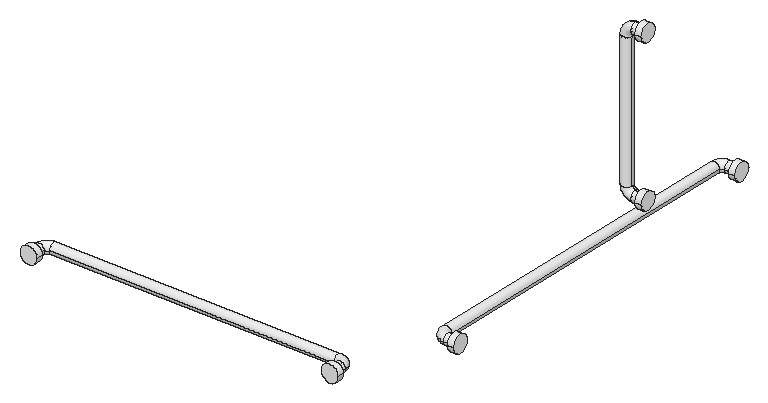
Revit family "API_MY_Grab_Bar_Composite_content", category Specialty Equipment, Revit 2025
Family settings
  Round Connector Dimension = Use Diameter
  Part Type = Normal
  Work Plane-Based = No
  Enable Cutting in Views = No
  Always vertical = Yes
  Cut with Voids When Loaded = No
  Maintain Annotation Orientation = No
  Shared = No
  Room Calculation Point = No
Parameters (values of type "NEW")
  Vert [instance] = yes
  Side Bar Offset = 1' - 0"
  Side [instance] = yes
  Rear [instance] = yes
  Keynote = "RA-8"
  Default Elevation = 0' - 0"
  Back Bar Offset = 0' - 6"
  Back Bar Length = 3' - 0"
  Mounting Height = 3' - 0"
  Side Bar Length = 3' - 6"
  Assembly Code = ""
  ANSI A117.1 [instance] = yes
  ADAG 94 [instance] = not(ANSI A117.1)  # no
Reference planes (in)
  plane 1 "Center F/B": y = 0
  plane 2: z = 0
  plane 3 "Center L/R": x = 0
  plane 4 "Center Line": z = 36
  plane 5: y = 0.75
  plane 6: x = -0.75
  plane 7: x = -42
  plane 8: y = 54
  plane 9: y = 12
  plane 10: x = -6
Dimensions and locks (in)
  "Side Bar Length": plane 8 to plane 9
  "Back Bar Length": plane 7 to plane 10
  "Mounting Height": plane 4 "Center Line" to plane 2
  locked: plane 1 "Center F/B" to plane 5 at 0.75
  "Side Bar Offset": plane 1 "Center F/B" to plane 9
  "Back Bar Offset": plane 10 to plane 3 "Center L/R"
Nested families (in)
  nested 1: "10_Grab Bar-Rear" at (0, 0, 0), Back Bar Length <- "Back Bar Length", visible <- "Rear", type "Rear"
    with Back Bar Length 3' - 0"
  nested 2: "10_Grab Bar-Side" at (0, 0, 0), visible <- "Side", type "Side"
  nested 3: "10_Grab Bar-Side_Vert" at (0, 0, 0), visible <- "Vert", type "Side_Vert"
Definition of nested family "10_Grab Bar-Rear"
  Parameters (values of type "Rear")
    Model = "B-5806"
    Manufacturer = "Bobrick"
    Log Cat = "A"
    JSN No. = "A5109-A"
    Description = "Grab Bar, 1-1/4\" Dia., SS, Back Wall, W/C Accessible"
    Default Elevation = 0' - 0"
    Back Bar Length [instance] = 3' - 0"
    Mounting Height = 3' - 0"
    Assembly Code = ""
  Reference planes (in)
    plane 1 "Center F/B": y = 0
    plane 2: z = 0
    plane 3 "Center L/R": x = 0
    plane 4: x = -6
    plane 5: x = -42
    plane 6 "Center Line": z = 36
    plane 7: y = 0.75
    plane 8: z = 57
    plane 9: z = 39
  Forms (in)
    Sweep 1, solid
      path origin (0, 0, 0) x (1, 0, 0) y (0, 1, 0)
        loop
          line (-42, 0.75) -> (-42, 1.5)
          arc (-42, 1.5) -> (-41.70711, 2.20711) -> (-41, 2.5) r 1
          line (-41, 2.5) -> (-7, 2.5)
          arc (-7, 2.5) -> (-6.29289, 2.20711) -> (-6, 1.5) r 1
          line (-6, 1.5) -> (-6, 0.75)
      profile origin (-24, 0, 0) x (0, 1, 0) y (0, 0, 1)
        loop
          circle (2.5, 36) r 0.625
    Extrusion 2, solid
      sketch origin (0, 0, 0) x (1, 0, 0) y (0, 0, 1)
        loop
          circle (-6, 36) r 1
        loop
          circle (-42, 36) r 1
      from -0.75 to 0
  Dimensions and locks (in)
    locked: plane 4 to plane 3 "Center L/R" at 6
    "Back Bar Length": plane 5 to plane 4
    "Mounting Height": plane 6 "Center Line" to plane 2
    locked: plane 6 "Center Line" to Sweep 1 sketch curve
    locked: plane 1 "Center F/B" to plane 7 at 0.75
    locked: level to plane 9 at 39
    locked: plane 9 to plane 8 at 18
    aligned and locked: Extrusion 2 to plane 7
    aligned and locked: plane 1 "Center F/B" to Extrusion 2
    aligned and locked: plane 7 to Sweep 1 sketch curve  (x2)
  Automatic sketch dimensions
    Sweep 1 sketch curve to plane 5 = 0' - 0"
    Sweep 1 sketch curve to plane 4 = 0' - 0"
    Sweep 1 sketch curve to plane 7 = 0' - 0 3/4"  (x2)
    plane 5 to Sweep 1 sketch curve = 0' - 1"
    Sweep 1 sketch curve to Sweep 1 sketch curve = 0' - 0"
    Sweep 1 sketch curve to profile plane = 0' - 0"
    profile plane to Sweep 1 sketch curve = 0' - 0 5/8"
    Extrusion 2 sketch curve to Extrusion 2 sketch curve = 0' - 0"  (x4)
    Extrusion 2 sketch curve to plane 6 "Center Line" = 0' - 0"  (x2)
    Extrusion 2 sketch curve to plane 5 = 0' - 0"
    Extrusion 2 sketch curve to plane 4 = 0' - 0"
    Extrusion 2 sketch curve to Extrusion 2 sketch curve = 0' - 1"  (x2)
Definition of nested family "10_Grab Bar-Side"
  Parameters (values of type "Side")
    Vert Bar Mntng Hght = 3' - 3"
    Vert Bar Dist = 3' - 4"
    Model = "B-5806"
    Manufacturer = "Bobrick"
    Log Cat = "A"
    JSN No. = "A5109-B"
    Description = "Grab Bar, 1-1/4\" Dia., SS, Side Wall, W/C Accessible"
    Mounting Height = 3' - 0"
    Side Bar Length = 3' - 6"
    Default Elevation = 0' - 0"
    Back Bar Length = 3' - 0"
    Assembly Code = ""
  Reference planes (in)
    plane 1 "Center F/B": y = 0
    plane 2: z = 0
    plane 3 "Center L/R": x = 0
    plane 4: y = 12
    plane 5: y = 54
    plane 6 "Center Line": z = 36
    plane 7: x = -0.75
    plane 8: y = 40
    plane 9: z = 57
    plane 10: z = 39
  Forms (in)
    Sweep 1, solid
      path origin (0, 0, 0) x (1, 0, 0) y (0, 1, 0)
        loop
          line (-0.75, 12) -> (-1.5, 12)
          arc (-1.5, 12) -> (-2.20711, 12.29289) -> (-2.5, 13) r 1
          line (-2.5, 13) -> (-2.5, 53)
          arc (-2.5, 53) -> (-2.20711, 53.70711) -> (-1.5, 54) r 1
          line (-1.5, 54) -> (-0.75, 54)
      profile origin (0, 33, 0) x (-1, 0, 0) y (0, 0, 1)
        loop
          circle (2.5, 36) r 0.625
    Extrusion 2, solid
      sketch origin (0, 0, 0) x (0, 1, 0) y (0, 0, 1)
        loop
          circle (12, 36) r 1
        loop
          circle (54, 36) r 1
      from -0.75 to 0
  Dimensions and locks (in)
    locked: plane 1 "Center F/B" to plane 4 at 12
    "Side Bar Length": plane 5 to plane 4
    "Mounting Height": plane 6 "Center Line" to plane 2
    locked: plane 6 "Center Line" to Sweep 1 sketch curve
    locked: plane 7 to plane 3 "Center L/R" at 0.75
    "Vert Bar Dist": plane 1 "Center F/B" to plane 8
    "Vert Bar Mntng Hght": level to plane 10
    locked: plane 10 to plane 9 at 18
    aligned and locked: Extrusion 2 to plane 7
    aligned and locked: plane 3 "Center L/R" to Extrusion 2
    aligned and locked: plane 7 to Sweep 1 sketch curve  (x2)
  Automatic sketch dimensions
    Sweep 1 sketch curve to plane 4 = 0' - 0"
    Sweep 1 sketch curve to plane 5 = 0' - 0"
    Sweep 1 sketch curve to Sweep 1 sketch curve = 0' - 0 3/4"
    Sweep 1 sketch curve to plane 7 = 0' - 0 3/4"
    plane 4 to Sweep 1 sketch curve = 0' - 1"
    Sweep 1 sketch curve to Sweep 1 sketch curve = 0' - 0"
    Sweep 1 sketch curve to profile plane = 0' - 0"
    profile plane to Sweep 1 sketch curve = 0' - 0 5/8"
    Extrusion 2 sketch curve to Extrusion 2 sketch curve = 0' - 0"  (x4)
    Extrusion 2 sketch curve to plane 6 "Center Line" = 0' - 0"  (x2)
    Extrusion 2 sketch curve to plane 4 = 0' - 0"
    Extrusion 2 sketch curve to plane 5 = 0' - 0"
    Extrusion 2 sketch curve to plane 4 = 0' - 1"
    Extrusion 2 sketch curve to plane 5 = 0' - 1"
Definition of nested family "10_Grab Bar-Side_Vert"
  Parameters (values of type "Side_Vert")
    Vert Bar Mntng Hght = 3' - 3"
    Vert Bar Dist = 3' - 4"
    Side Bar Length = 3' - 6"
    Mounting Height = 3' - 0"
    Model = "B-5806"
    Manufacturer = "Bobrick"
    Log Cat = "A"
    JSN No. = "A5109-C"
    Description = "Grab Bar, 1-1/4\" Dia., SS, Vertical Wall, W/C Accessible"
    Default Elevation = 0' - 0"
    Back Bar Length = 3' - 0"
    Assembly Code = ""
  Reference planes (in)
    plane 1 "Center F/B": y = 0
    plane 2: z = 0
    plane 3 "Center L/R": x = 0
    plane 4 "Center Line": z = 36
    plane 5: x = -0.75
    plane 6: y = 40
    plane 7: z = 57
    plane 8: z = 39
  Forms (in)
    Sweep 1, solid
      path origin (0, 40, 0) x (-1, 0, 0) y (0, 0, 1)
        loop
          line (0.75, 39) -> (1.5, 39)
          arc (1.5, 39) -> (2.20711, 39.29289) -> (2.5, 40) r 1
          line (2.5, 40) -> (2.5, 56)
          arc (2.5, 56) -> (2.20711, 56.70711) -> (1.5, 57) r 1
          line (1.5, 57) -> (0.75, 57)
      profile origin (-2.5, 40, 48) x (1, 0, 0) y (0, 1, 0)
        loop
          circle (0, 0) r 0.625
    Extrusion 2, solid
      sketch origin (0, 0, 0) x (0, 1, 0) y (0, 0, 1)
        loop
          circle (40, 39) r 1
        loop
          circle (40, 57) r 1
      from -0.75 to 0
  Dimensions and locks (in)
    "Mounting Height": plane 4 "Center Line" to plane 2
    locked: plane 5 to plane 3 "Center L/R" at 0.75
    "Vert Bar Dist": plane 1 "Center F/B" to plane 6
    "Vert Bar Mntng Hght": level to plane 8
    locked: plane 8 to plane 7 at 18
    aligned and locked: Extrusion 2 to plane 5
    aligned and locked: plane 3 "Center L/R" to Extrusion 2
  Automatic sketch dimensions
    Sweep 1 sketch curve to plane 5 = 0' - 0"  (x2)
    Sweep 1 sketch curve to plane 7 = 0' - 0"
    Sweep 1 sketch curve to plane 8 = 0' - 0"
    Sweep 1 sketch curve to Sweep 1 sketch curve = 0' - 0 3/4"
    Sweep 1 sketch curve to plane 5 = 0' - 0 3/4"
    Sweep 1 sketch curve to Sweep 1 sketch curve = 0' - 1"
    Sweep 1 sketch curve to plane 6 = 0' - 0"
    Sweep 1 sketch curve to profile plane = 0' - 0"
    Extrusion 2 sketch curve to plane 6 = 0' - 0"  (x2)
    Extrusion 2 sketch curve to plane 8 = 0' - 0"
    Extrusion 2 sketch curve to plane 7 = 0' - 0"
    radius of Sweep 1 sketch curve = 0' - 0 5/8"
    radius of Extrusion 2 sketch curve = 0' - 1"  (x2)
